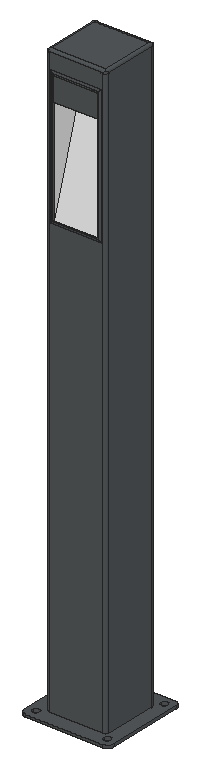
Revit family "svetilnik_alfresco_ar deko_dtu19", category Lighting Fixtures, Revit 2016 (continued)
Definition of nested family "Источник света Ар_Деко"
  Types (5, lengths in mm): name | Photometric Web File | built-in parameter 1150142
         0.2       0.2       0.2       0.2\r\n       0.2       0.2       0.2       0.2       0.2       0.2       0.2       0.2\r\n       0.2       0.2       0.2       0.2       0.2       0.2       0.2       0.2\r\n       0.2       0.2       0.2       0.2       0.2       0.2       0.2       0.2\r\n       0.2       0.2       0.2       0.2       0.2       0.2       0.2       0.2\r\n       0.2       0.2       0.2       0.2       0.2       0.2       0.2       0.2\r\n       0.2       0.2       0.2       0.2       0.2       0.2       0.2       0.2\r\n       0.2       0.2       0.2       0.2       0.2       0.2       0.2       0.2\r\n       0.2       0.2       0.2       0.1       0.1       0.1       0.0       0.0\r\n       0.0       0.0       0.0       0.0       0.0\r\n       0.0       0.0       0.0       0.1       0.1       0.1       0.1       0.1\r\n       0.2       0.2       0.2       0.2       0.2       0.2       0.2       0.2\r\n       0.2       0.2       0.2       0.2       0.2       0.2       0.2       0.2\r\n       0.2       0.2       0.2       0.2       0.2       0.2       0.2       0.2\r\n       0.2       0.2       0.2       0.2       0.2       0.2       0.2       0.2\r\n       0.2       0.2       0.2       0.2       0.2       0.2       0.2       0.2\r\n       0.2       0.2       0.2       0.2       0.2       0.2       0.2       0.2\r\n       0.2       0.2       0.2       0.2       0.2       0.2       0.2       0.2\r\n       0.2       0.2       0.2       0.2       0.2       0.2       0.2       0.2\r\n       0.2       0.2       0.2       0.2       0.2       0.2       0.2       0.2\r\n       0.2       0.2       0.2       0.2       0.2       0.2       0.2       0.2\r\n       0.2       0.2       0.2       0.2       0.2       0.2       0.2       0.2\r\n       0.2       0.2       0.2       0.2       0.2       0.2       0.2       0.2\r\n       0.2       0.2       0.2       0.2       0.2       0.2       0.2       0.2\r\n       0.2       0.2       0.2       0.2       0.2       0.2       0.2       0.2\r\n       0.2       0.2       0.2       0.2       0.2       0.2       0.2       0.2\r\n       0.2       0.2       0.2       0.2       0.2       0.2       0.2       0.2\r\n       0.2       0.2       0.2       0.2       0.2       0.2       0.2       0.2\r\n       0.2       0.2       0.2       0.2       0.2       0.2       0.2       0.2\r\n       0.2       0.2       0.2       0.2       0.2       0.2       0.2       0.2\r\n       0.2       0.2       0.2       0.2       0.2       0.2       0.2       0.2\r\n       0.2       0.2       0.2       0.1       0.1       0.1       0.0       0.0\r\n       0.0       0.0       0.0       0.0       0.0\r\n       0.0       0.0       0.0       0.1       0.1       0.1       0.1       0.1\r\n       0.2       0.2       0.2       0.2       0.2       0.2       0.2       0.2\r\n       0.2       0.2       0.2       0.2       0.2       0.2       0.2       0.2\r\n       0.2       0.2       0.2       0.2       0.2       0.2       0.2       0.2\r\n       0.2       0.2       0.2       0.2       0.2       0.2       0.2       0.2\r\n       0.2       0.2       0.2       0.2       0.2       0.2       0.2       0.2\r\n       0.2       0.2       0.2       0.2       0.2       0.2       0.2       0.2\r\n       0.2       0.2       0.2       0.2       0.2       0.2       0.2       0.2\r\n       0.2       0.2       0.2       0.2       0.2       0.2       0.2       0.2\r\n       0.2       0.2       0.3       0.3       0.2       0.2       0.2       0.2\r\n       0.2       0.2       0.2       0.2       0.2       0.2       0.2       0.2\r\n       0.2       0.2       0.2       0.2       0.2       0.2       0.2       0.2\r\n       0.2       0.2       0.2       0.2       0.2       0.2       0.2       0.2\r\n       0.2       0.2       0.2       0.2       0.2       0.2       0.2       0.2\r\n       0.2       0.2       0.2       0.2       0.2       0.2       0.2       0.2\r\n       0.2       0.2       0.2       0.2       0.2       0.2       0.2       0.2\r\n       0.2       0.2       0.2       0.2       0.2       0.2       0.2       0.2\r\n       0.2       0.2       0.2       0.2       0.2       0.2       0.2       0.2\r\n       0.2       0.2       0.2       0.2       0.2       0.2       0.2       0.2\r\n       0.2       0.2       0.2       0.2       0.2       0.2       0.2       0.2\r\n       0.2       0.2       0.2       0.2       0.2       0.2       0.2       0.2\r\n       0.2       0.2       0.2       0.1       0.1       0.1       0.0       0.0\r\n       0.0       0.0       0.0       0.0       0.0\r\n       0.0       0.0       0.0       0.1       0.1       0.1       0.1       0.1\r\n       0.2       0.2       0.2       0.2       0.2       0.2       0.2       0.2\r\n       0.2       0.2       0.2       0.2       0.2       0.2       0.2       0.2\r\n       0.2       0.2       0.2       0.2       0.2       0.2       0.2       0.2\r\n       0.2       0.2       0.2       0.2       0.2       0.2       0.2       0.2\r\n       0.2       0.2       0.2       0.2       0.2       0.2       0.2       0.2\r\n       0.2       0.2       0.2       0.2       0.2       0.2       0.2       0.2\r\n       0.2       0.2       0.2       0.2       0.2       0.2       0.2       0.2\r\n       0.2       0.2       0.2       0.2       0.2       0.2       0.2       0.2\r\n       0.2       0.2       0.2       0.2       0.2       0.2       0.2       0.2\r\n       0.2       0.2       0.2       0.2       0.2       0.2       0.2       0.2\r\n       0.2       0.2       0.2       0.2       0.2       0.2       0.2       0.2\r\n       0.2       0.2       0.2       0.2       0.2       0.2       0.2       0.2\r\n       0.2       0.2       0.2       0.2       0.2       0.2       0.2       0.2\r\n       0.2       0.2       0.2       0.2       0.2       0.2       0.2       0.2\r\n       0.2       0.2       0.2       0.2       0.2       0.2       0.2       0.2\r\n       0.2       0.2       0.2       0.2       0.2       0.2       0.2       0.2\r\n       0.2       0.2       0.2       0.2       0.2       0.2       0.2       0.2\r\n       0.2       0.2       0.2       0.2       0.2       0.2       0.2       0.2\r\n       0.2       0.2       0.2       0.2       0.2       0.2       0.2       0.2\r\n       0.2       0.2       0.2       0.2       0.2       0.2       0.2       0.2\r\n       0.2       0.2       0.2       0.1       0.1       0.1       0.0       0.0\r\n       0.0       0.0       0.0       0.0       0.0\r\n       0.0       0.0       0.1       0.1       0.1       0.1       0.1       0.1\r\n       0.2       0.2       0.2       0.2       0.2       0.2       0.2       0.2\r\n       0.2       0.2       0.2       0.2       0.2       0.2       0.2       0.2\r\n       0.2       0.2       0.2       0.2       0.2       0.2       0.2       0.2\r\n       0.2       0.2       0.2       0.2       0.2       0.2       0.2       0.2\r\n       0.2       0.2       0.2       0.2       0.2       0.2       0.2       0.2\r\n       0.2       0.2       0.2       0.2       0.2       0.2       0.2       0.2\r\n       0.2       0.2       0.2       0.2       0.2       0.2       0.2       0.2\r\n       0.2       0.2       0.2       0.2       0.2       0.2       0.2       0.2\r\n       0.2       0.2       0.2       0.2       0.2       0.2       0.2       0.2\r\n       0.2       0.2       0.2       0.2       0.2       0.2       0.2       0.2\r\n       0.2       0.2       0.2       0.2       0.2       0.2       0.2       0.2\r\n       0.2       0.2       0.2       0.2       0.2       0.2       0.2       0.2\r\n       0.2       0.2       0.2       0.2       0.2       0.2       0.2       0.2\r\n       0.2       0.2       0.2       0.2       0.2       0.2       0.2       0.2\r\n       0.2       0.2       0.2       0.2       0.2       0.2       0.2       0.2\r\n       0.2       0.2       0.2       0.2       0.2       0.2       0.2       0.2\r\n       0.2       0.2       0.2       0.2       0.2       0.2       0.2       0.2\r\n       0.2       0.2       0.2       0.2       0.2       0.2       0.2       0.2\r\n       0.2       0.2       0.2       0.2       0.2       0.2       0.2       0.2\r\n       0.2       0.2       0.2       0.2       0.2       0.2       0.2       0.2\r\n       0.2       0.2       0.2       0.1       0.1       0.1       0.0       0.0\r\n       0.0       0.0       0.0       0.0       0.0\r\n       0.0       0.0       0.1       0.1       0.1       0.1       0.1       0.1\r\n       0.2       0.2       0.2       0.2       0.2       0.2       0.2       0.2\r\n       0.2       0.2       0.2       0.2       0.2       0.2       0.2       0.2\r\n       0.2       0.2       0.2       0.2       0.2       0.2       0.2       0.2\r\n       0.2       0.2       0.2       0.2       0.2       0.2       0.2       0.2\r\n       0.2       0.2       0.2       0.2       0.2       0.2       0.2       0.2\r\n       0.2       0.2       0.2       0.2       0.2       0.2       0.2       0.2\r\n       0.2       0.2       0.2       0.2       0.2       0.2       0.2       0.2\r\n       0.2       0.2       0.2       0.2       0.2       0.2       0.2       0.2\r\n       0.2       0.2       0.2       0.2       0.2       0.2       0.2       0.2\r\n       0.2       0.2       0.2       0.2       0.2       0.2       0.2       0.2\r\n       0.2       0.2       0.2       0.2       0.2       0.2       0.2       0.2\r\n       0.2       0.2       0.2       0.2       0.2       0.2       0.2       0.2\r\n       0.2       0.2       0.2       0.2       0.2       0.2       0.2       0.2\r\n       0.2       0.2       0.2       0.2       0.2       0.2       0.2       0.2\r\n       0.2       0.2       0.2       0.2       0.2       0.2       0.2       0.2\r\n       0.2       0.2       0.2       0.2       0.2       0.2       0.2       0.2\r\n       0.2       0.2       0.2       0.2       0.2       0.2       0.2       0.2\r\n       0.2       0.2       0.2       0.2       0.2       0.2       0.2       0.2\r\n       0.2       0.2       0.2       0.2       0.2       0.2       0.2       0.2\r\n       0.2       0.2       0.2       0.2       0.2       0.2       0.2       0.2\r\n       0.2       0.2       0.2       0.1       0.1       0.1       0.0       0.0\r\n       0.0       0.0       0.0       0.0       0.0\r\n       0.0       0.0       0.1       0.1       0.1       0.1       0.1       0.1\r\n       0.2       0.2       0.2       0.2       0.2       0.2       0.2       0.2\r\n       0.2       0.2       0.2       0.2       0.2       0.2       0.2       0.2\r\n       0.2       0.2       0.2       0.2       0.2       0.2       0.2       0.2\r\n       0.2       0.2       0.2       0.2       0.2       0.2       0.2       0.2\r\n       0.2       0.2       0.2       0.2       0.2       0.2       0.2       0.2\r\n       0.2       0.2       0.2       0.2       0.2       0.2       0.2       0.2\r\n       0.2       0.2       0.2       0.2       0.2       0.2       0.2       0.2\r\n       0.2       0.2       0.2       0.2       0.2       0.2       0.2       0.2\r\n       0.2       0.2       0.2       0.2       0.2       0.2       0.2       0.2\r\n       0.2       0.2       0.2       0.2       0.2       0.2       0.2       0.2\r\n       0.2       0.2       0.2       0.2       0.3       0.2       0.2       0.2\r\n       0.2       0.2       0.2       0.2       0.2       0.3       0.2       0.2\r\n       0.2       0.2       0.2       0.2       0.2       0.2       0.2       0.2\r\n       0.2       0.2       0.2       0.2       0.2       0.2       0.2       0.2\r\n       0.2       0.2       0.2       0.2       0.2       0.2       0.2       0.2\r\n       0.2       0.2       0.2       0.2       0.2       0.2       0.2       0.2\r\n       0.2       0.2       0.2       0.2       0.2       0.2       0.2       0.2\r\n       0.2       0.2       0.2       0.2       0.2       0.2       0.2       0.2\r\n       0.2       0.2       0.2       0.2       0.2       0.2       0.2       0.2\r\n       0.2       0.2       0.2       0.2       0.2       0.2       0.2       0.2\r\n       0.2       0.2       0.2       0.1       0.1       0.1       0.0       0.0\r\n       0.0       0.0       0.0       0.0       0.0\r\n       0.0       0.0       0.1       0.1       0.1       0.1       0.1       0.1\r\n       0.2       0.2       0.2       0.2       0.2       0.2       0.2       0.2\r\n       0.2       0.2       0.2       0.2       0.2       0.2       0.2       0.2\r\n       0.2       0.2       0.2       0.2       0.2       0.2       0.2       0.2\r\n       0.2       0.2       0.2       0.2       0.2       0.2       0.2       0.2\r\n       0.3       0.3       0.2       0.2       0.2       0.2       0.2       0.2\r\n       0.2       0.2       0.2       0.2       0.2       0.2       0.2       0.2\r\n       0.2       0.2       0.2       0.2       0.2       0.2       0.2       0.2\r\n       0.2       0.2       0.2       0.2       0.2       0.2       0.2       0.2\r\n       0.2       0.2       0.2       0.2       0.2       0.2       0.2       0.2\r\n       0.2       0.2       0.2       0.2       0.2       0.2       0.2       0.2\r\n       0.2       0.2       0.2       0.2       0.2       0.2       0.2       0.2\r\n       0.2       0.2       0.2       0.2       0.2       0.2       0.2       0.2\r\n       0.2       0.2       0.2       0.2       0.2       0.2       0.2       0.2\r\n       0.2       0.2       0.2       0.2       0.2       0.2       0.2       0.2\r\n       0.2       0.2       0.2       0.2       0.2       0.2       0.2       0.2\r\n       0.2       0.2       0.2       0.2       0.2       0.2       0.2       0.2\r\n       0.2       0.2       0.2       0.2       0.2       0.2       0.2       0.2\r\n       0.2       0.2       0.2       0.2       0.2       0.2       0.2       0.2\r\n       0.2       0.2       0.2       0.2       0.2       0.2       0.2       0.2\r\n       0.2       0.2       0.2       0.2       0.2       0.2       0.2       0.2\r\n       0.2       0.2       0.2       0.1       0.1       0.1       0.0       0.0\r\n       0.0       0.0       0.0       0.0       0.0\r\n       0.0       0.0       0.1       0.1       0.1       0.1       0.1       0.1\r\n       0.2       0.2       0.2       0.2       0.2       0.2       0.2       0.2\r\n       0.2       0.2       0.2       0.2       0.2       0.2       0.2       0.2\r\n       0.2       0.2       0.2       0.2       0.2       0.2       0.2       0.2\r\n       0.2       0.2       0.2       0.2       0.2       0.2       0.2       0.2\r\n       0.3       0.3       0.2       0.2       0.2       0.2       0.2       0.2\r\n       0.2       0.2       0.2       0.2       0.2       0.2       0.2       0.2\r\n       0.2       0.2       0.2       0.2       0.2       0.2       0.2       0.2\r\n       0.2       0.2       0.2       0.2       0.2       0.2       0.2       0.2\r\n       0.2       0.2       0.2       0.2       0.2       0.2       0.2       0.2\r\n       0.2       0.2       0.2       0.2       0.2       0.2       0.2       0.2\r\n       0.2       0.2       0.2       0.2       0.2       0.2       0.2       0.2\r\n       0.2       0.2       0.2       0.2       0.2       0.2       0.2       0.2\r\n       0.2       0.2       0.2       0.2       0.2       0.2       0.2       0.2\r\n       0.2       0.2       0.2       0.2       0.2       0.2       0.2       0.2\r\n       0.2       0.2       0.2       0.2       0.2       0.2       0.2       0.2\r\n       0.2       0.2       0.2       0.2       0.2       0.2       0.2       0.2\r\n       0.2       0.2       0.2       0.2       0.2       0.2       0.2       0.2\r\n       0.2       0.2       0.2       0.2       0.2       0.2       0.2       0.2\r\n       0.2       0.2       0.2       0.2       0.2       0.2       0.2       0.2\r\n       0.2       0.2       0.2       0.2       0.2       0.2       0.2       0.2\r\n       0.2       0.2       0.2       0.1       0.1       0.1       0.0       0.0\r\n       0.0       0.0       0.0       0.0       0.0\r\n       0.0       0.0       0.1       0.1       0.1       0.1       0.1       0.1\r\n       0.2       0.2       0.2       0.2       0.2       0.2       0.2       0.2\r\n       0.2       0.2       0.2       0.2       0.2       0.2       0.2       0.2\r\n       0.2       0.2       0.2       0.2       0.2       0.2       0.2       0.2\r\n       0.2       0.2       0.2       0.2       0.2       0.2       0.2       0
      .2\r\n       0.2       0.2       0.2       0.2       0.2       0.2       0.2       0.2\r\n       0.2       0.2       0.2       0.2       0.2       0.2       0.2       0.2\r\n       0.2       0.2       0.2       0.2       0.2       0.2       0.2       0.2\r\n       0.2       0.2       0.2       0.2       0.2       0.2       0.2       0.2\r\n       0.2       0.2       0.2       0.2       0.2       0.2       0.2       0.2\r\n       0.2       0.2       0.2       0.2       0.2       0.2       0.2       0.2\r\n       0.2       0.2       0.2       0.2       0.2       0.2       0.2       0.2\r\n       0.2       0.2       0.2       0.2       0.2       0.2       0.2       0.2\r\n       0.2       0.2       0.2       0.2       0.2       0.2       0.2       0.2\r\n       0.2       0.2       0.2       0.2       0.2       0.2       0.2       0.2\r\n       0.2       0.2       0.2       0.2       0.2       0.2       0.2       0.2\r\n       0.2       0.2       0.2       0.2       0.2       0.2       0.2       0.2\r\n       0.2       0.2       0.2       0.2       0.2       0.2       0.2       0.2\r\n       0.2       0.2       0.2       0.2       0.2       0.2       0.2       0.2\r\n       0.2       0.2       0.2       0.2       0.2       0.2       0.2       0.2\r\n       0.2       0.2       0.2       0.2       0.2       0.2       0.2       0.2\r\n       0.2       0.2       0.2       0.1       0.1       0.1       0.0       0.0\r\n       0.0       0.0       0.0       0.0       0.0\r\n       0.0       0.0       0.1       0.1       0.1       0.1       0.1       0.1\r\n       0.2       0.2       0.2       0.2       0.2       0.2       0.2       0.2\r\n       0.2       0.2       0.2       0.2       0.2       0.2       0.2       0.2\r\n       0.2       0.2       0.2       0.2       0.2       0.2       0.2       0.2\r\n       0.2       0.2       0.2       0.2       0.2       0.2       0.2       0.2\r\n       0.2       0.2       0.2       0.2       0.2       0.2       0.2       0.2\r\n       0.2       0.2       0.2       0.2       0.2       0.2       0.2       0.2\r\n       0.2       0.2       0.2       0.2       0.2       0.2       0.2       0.2\r\n       0.2       0.2       0.2       0.2       0.2       0.2       0.2       0.2\r\n       0.2       0.2       0.2       0.2       0.2       0.2       0.2       0.2\r\n       0.2       0.2       0.2       0.2       0.2       0.2       0.2       0.2\r\n       0.2       0.2       0.2       0.2       0.2       0.2       0.2       0.2\r\n       0.2       0.2       0.2       0.2       0.2       0.2       0.2       0.2\r\n       0.2       0.2       0.2       0.2       0.2       0.2       0.2       0.2\r\n       0.2       0.2       0.2       0.2       0.2       0.2       0.2       0.2\r\n       0.2       0.2       0.2       0.2       0.2       0.2       0.2       0.2\r\n       0.2       0.2       0.2       0.2       0.2       0.2       0.2       0.2\r\n       0.2       0.2       0.2       0.2       0.2       0.2       0.2       0.2\r\n       0.2       0.2       0.2       0.2       0.2       0.2       0.2       0.2\r\n       0.2       0.2       0.2       0.2       0.2       0.2       0.2       0.2\r\n       0.2       0.2       0.2       0.2       0.2       0.2       0.2       0.2\r\n       0.2       0.2       0.2       0.1       0.1       0.1       0.0       0.0\r\n       0.0       0.0       0.0       0.0       0.0\r\n       0.0       0.0       0.1       0.1       0.1       0.1       0.1       0.1\r\n       0.2       0.2       0.2       0.2       0.2       0.2       0.2       0.2\r\n       0.2       0.2       0.2       0.2       0.2       0.2       0.2       0.2\r\n       0.2       0.2       0.2       0.2       0.2       0.2       0.2       0.2\r\n       0.2       0.2       0.2       0.2       0.2       0.2       0.2       0.2\r\n       0.2       0.2       0.2       0.2       0.2       0.2       0.2       0.2\r\n       0.2       0.2       0.2       0.2       0.2       0.2       0.2       0.2\r\n       0.2       0.2       0.2       0.2       0.2       0.2       0.2       0.2\r\n       0.2       0.2       0.2       0.2       0.2       0.2       0.2       0.2\r\n       0.2       0.2       0.2       0.2       0.2       0.2       0.2       0.2\r\n       0.2       0.2       0.2       0.2       0.2       0.2       0.2       0.2\r\n       0.2       0.2       0.2       0.2       0.2       0.2       0.2       0.2\r\n       0.2       0.2       0.2       0.2       0.2       0.2       0.2       0.2\r\n       0.2       0.2       0.2       0.2       0.2       0.2       0.2       0.2\r\n       0.2       0.2       0.2       0.2       0.2       0.2       0.2       0.2\r\n       0.2       0.2       0.2       0.2       0.2       0.2       0.2       0.2\r\n       0.2       0.2       0.2       0.2       0.2       0.2       0.2       0.2\r\n       0.2       0.2       0.2       0.2       0.2       0.2       0.2       0.2\r\n       0.2       0.2       0.2       0.2       0.2       0.2       0.2       0.2\r\n       0.2       0.2       0.2       0.2       0.2       0.2       0.2       0.2\r\n       0.2       0.2       0.2       0.2       0.2       0.2       0.2       0.2\r\n       0.2       0.2       0.2       0.1       0.1       0.1       0.0       0.0\r\n       0.0       0.0       0.0       0.0       0.0\r\n       0.0       0.0       0.1       0.1       0.1       0.1       0.1       0.1\r\n       0.2       0.2       0.2       0.2       0.2       0.2       0.2       0.2\r\n       0.2       0.2       0.2       0.2       0.2       0.2       0.2       0.2\r\n       0.2       0.2       0.2       0.2       0.2       0.2       0.2       0.2\r\n       0.2       0.2       0.2       0.2       0.2       0.2       0.2       0.2\r\n       0.2       0.2       0.2       0.2       0.2       0.2       0.2       0.2\r\n       0.2       0.2       0.2       0.2       0.2       0.2       0.2       0.2\r\n       0.2       0.2       0.2       0.2       0.2       0.2       0.2       0.2\r\n       0.2       0.2       0.2       0.2       0.2       0.2       0.2       0.2\r\n       0.2       0.2       0.2       0.2       0.2       0.2       0.2       0.2\r\n       0.2       0.2       0.2       0.2       0.2       0.2       0.2       0.2\r\n       0.2       0.2       0.2       0.2       0.2       0.2       0.2       0.2\r\n       0.2       0.2       0.2       0.2       0.2       0.2       0.2       0.2\r\n       0.2       0.2       0.2       0.2       0.2       0.2       0.2       0.2\r\n       0.2       0.2       0.2       0.2       0.2       0.2       0.2       0.2\r\n       0.2       0.2       0.2       0.2       0.2       0.2       0.2       0.2\r\n       0.2       0.2       0.2       0.2       0.2       0.2       0.2       0.2\r\n       0.2       0.2       0.2       0.2       0.2       0.2       0.2       0.2\r\n       0.2       0.2       0.2       0.2       0.2       0.2       0.2       0.2\r\n       0.2       0.2       0.2       0.2       0.2       0.2       0.2       0.2\r\n       0.2       0.2       0.2       0.2       0.2       0.2       0.2       0.2\r\n       0.2       0.2       0.2       0.1       0.1       0.1       0.0       0.0\r\n       0.0       0.0       0.0       0.0       0.0\r\n       0.0       0.0       0.1       0.1       0.1       0.1       0.1       0.1\r\n       0.2       0.2       0.2       0.2       0.2       0.2       0.2       0.2\r\n       0.2       0.2       0.2       0.2       0.2       0.2       0.2       0.2\r\n       0.2       0.2       0.2       0.2       0.2       0.2       0.2       0.2\r\n       0.2       0.2       0.2       0.2       0.2       0.2       0.2       0.2\r\n       0.2       0.2       0.2       0.2       0.2       0.2       0.2       0.2\r\n       0.2       0.2       0.2       0.2       0.2       0.2       0.2       0.2\r\n       0.2       0.2       0.2       0.2       0.2       0.2       0.2       0.2\r\n       0.2       0.2       0.2       0.2       0.2       0.2       0.2       0.2\r\n       0.2       0.2       0.2       0.2       0.2       0.2       0.3       0.2\r\n       0.2       0.2       0.2       0.2       0.2       0.2       0.2       0.2\r\n       0.2       0.2       0.2       0.2       0.2       0.2       0.2       0.2\r\n       0.2       0.2       0.2       0.2       0.2       0.2       0.2       0.2\r\n       0.2       0.2       0.2       0.2       0.2       0.2       0.2       0.2\r\n       0.2       0.2       0.2       0.2       0.2       0.2       0.2       0.2\r\n       0.2       0.2       0.2       0.2       0.2       0.2       0.2       0.2\r\n       0.2       0.2       0.2       0.2       0.2       0.2       0.2       0.2\r\n       0.2       0.2       0.2       0.2       0.2       0.2       0.2       0.2\r\n       0.2       0.2       0.2       0.2       0.2       0.2       0.2       0.2\r\n       0.2       0.2       0.2       0.2       0.2       0.2       0.2       0.2\r\n       0.2       0.2       0.2       0.2       0.2       0.2       0.2       0.2\r\n       0.2       0.2       0.2       0.1       0.1       0.1       0.0       0.0\r\n       0.0       0.0       0.0       0.0       0.0\r\n       0.0       0.0       0.1       0.1       0.1       0.1       0.1       0.1\r\n       0.2       0.2       0.2       0.2       0.2       0.2       0.2       0.2\r\n       0.2       0.2       0.2       0.2       0.2       0.2       0.2       0.2\r\n       0.2       0.2       0.2       0.2       0.2       0.2       0.2       0.2\r\n       0.2       0.2       0.2       0.2       0.2       0.2       0.2       0.2\r\n       0.2       0.2       0.2       0.2       0.2       0.2       0.2       0.2\r\n       0.2       0.2       0.2       0.2       0.2       0.2       0.2       0.2\r\n       0.2       0.2       0.2       0.2       0.2       0.2       0.2       0.2\r\n       0.2       0.2       0.2       0.2       0.2       0.2       0.2       0.2\r\n       0.2       0.2       0.2       0.2       0.2       0.2       0.2       0.2\r\n       0.2       0.2       0.2       0.2       0.2       0.2       0.2       0.2\r\n       0.2       0.2       0.2       0.2       0.2       0.2       0.2       0.2\r\n       0.2       0.2       0.2       0.2       0.2       0.2       0.2       0.2\r\n       0.2       0.2       0.2       0.2       0.2       0.2       0.2       0.2\r\n       0.2       0.2       0.2       0.2       0.2       0.2       0.2       0.2\r\n       0.2       0.2       0.2       0.2       0.2       0.2       0.2       0.2\r\n       0.2       0.2       0.2       0.2       0.2       0.2       0.2       0.2\r\n       0.2       0.2       0.2       0.2       0.2       0.2       0.2       0.2\r\n       0.2       0.2       0.2       0.2       0.2       0.2       0.2       0.2\r\n       0.2       0.2       0.2       0.2       0.2       0.2       0.2       0.2\r\n       0.2       0.2       0.2       0.2       0.2       0.2       0.2       0.2\r\n       0.2       0.2       0.2       0.1       0.1       0.1       0.0       0.0\r\n       0.0       0.0       0.0       0.0       0.0\r\n       0.0       0.0       0.1       0.1       0.1       0.1       0.1       0.1\r\n       0.2       0.2       0.2       0.2       0.2       0.2       0.2       0.2\r\n       0.2       0.2       0.2       0.2       0.2       0.2       0.2       0.2\r\n       0.2       0.2       0.2       0.2       0.2       0.2       0.2       0.2\r\n       0.2       0.2       0.2       0.2       0.2       0.2       0.2       0.2\r\n       0.2       0.2       0.2       0.2       0.2       0.2       0.2       0.2\r\n       0.2       0.2       0.2       0.2       0.2       0.2       0.2       0.2\r\n       0.2       0.2       0.2       0.2       0.2       0.2       0.2       0.2\r\n       0.2       0.2       0.2       0.2       0.2       0.2       0.2       0.2\r\n       0.2       0.2       0.2       0.2       0.2       0.2       0.2       0.2\r\n       0.2       0.2       0.2       0.2       0.2       0.2       0.2       0.2\r\n       0.2       0.2       0.2       0.2       0.2       0.2       0.2       0.2\r\n       0.2       0.2       0.2       0.2       0.2       0.2       0.2       0.2\r\n       0.2       0.2       0.2       0.2       0.2       0.2       0.2       0.2\r\n       0.2       0.2       0.2       0.2       0.2       0.2       0.2       0.2\r\n       0.2       0.2       0.2       0.2       0.2       0.2       0.2       0.2\r\n       0.2       0.2       0.2       0.2       0.2       0.2       0.2       0.2\r\n       0.2       0.2       0.2       0.2       0.2       0.2       0.2       0.2\r\n       0.2       0.2       0.2       0.2       0.2       0.2       0.2       0.2\r\n       0.2       0.2       0.2       0.2       0.2       0.2       0.2       0.2\r\n       0.2       0.2       0.2       0.2       0.2       0.2       0.2       0.2\r\n       0.2       0.2       0.2       0.1       0.1       0.1       0.0       0.0\r\n       0.0       0.0       0.0       0.0       0.0\r\n       0.0       0.0       0.1       0.1       0.1       0.1       0.1       0.1\r\n       0.2       0.2       0.2       0.2       0.2       0.2       0.2       0.2\r\n       0.2       0.2       0.2       0.2       0.2       0.2       0.2       0.2\r\n       0.2       0.2       0.2       0.2       0.2       0.2       0.2       0.2\r\n       0.2       0.2       0.2       0.2       0.2       0.2       0.2       0.2\r\n       0.2       0.2       0.2       0.2       0.2       0.2       0.2       0.2\r\n       0.2       0.2       0.2       0.2       0.2       0.2       0.2       0.2\r\n       0.2       0.2       0.2       0.2       0.2       0.2       0.2       0.2\r\n       0.2       0.2       0.2       0.2       0.2       0.2       0.2       0.2\r\n       0.2       0.2       0.2       0.2       0.2       0.2       0.2       0.2\r\n       0.2       0.2       0.2       0.2       0.2       0.2       0.2       0.2\r\n       0.2       0.2       0.2       0.2       0.2       0.2       0.2       0.2\r\n       0.2       0.2       0.2       0.2       0.2       0.2       0.2       0.2\r\n       0.2       0.2       0.2       0.2       0.2       0.2       0.2       0.2\r\n       0.2       0.2       0.2       0.2       0.2       0.2       0.2       0.2\r\n       0.2       0.2       0.2       0.2       0.2       0.2       0.2       0.2\r\n       0.2       0.2       0.2       0.2       0.2       0.2       0.2       0.2\r\n       0.2       0.2       0.2       0.2       0.2       0.2       0.2       0.2\r\n       0.2       0.2       0.2       0.2       0.2       0.2       0.2       0.2\r\n       0.2       0.2       0.2       0.2       0.2       0.2       0.2       0.2\r\n       0.2       0.2       0.2       0.2       0.2       0.2       0.2       0.2\r\n       0.2       0.2       0.2       0.1       0.1       0.1       0.0       0.0\r\n       0.0       0.0       0.0       0.0       0.0\r\n       0.0       0.0       0.2       0.1       0.1       0.1       0.1       0.1\r\n       0.2       0.2       0.2       0.2       0.2       0.2       0.2       0.2\r\n       0.2       0.2       0.2       0.2       0.2       0.2       0.2       0.2\r\n       0.2       0.2       0.2       0.2       0.2       0.2       0.2       0.2\r\n       0.2       0.2       0.2       0.2       0.2       0.2       0.2       0.2\r\n       0.2       0.2       0.2       0.2       0.2       0.2       0.2       0.2\r\n       0.2       0.2       0.2       0.2       0.2       0.2       0.2       0.2\r\n       0.2       0.2       0.2       0.2       0.2       0.2       0.2       0.2\r\n       0.2       0.2       0.2       0.2       0.2       0.2       0.2       0.2\r\n       0.2       0.2       0.2       0.2       0.2       0.2       0.2       0.2\r\n       0.2       0.2       0.2       0.2       0.2       0.2       0.2       0.2\r\n       0.2       0.2       0.2       0.2       0.2       0.2       0.2       0.2\r\n       0.2       0.2       0.2       0.2       0.2       0.2       0.2       0.2\r\n       0.2       0.2       0.2       0.2       0.2       0.2       0.2       0.2\r\n       0.2       0.2       0.2       0.2       0.2       0.2       0.2       0.2\r\n       0.2       0.2       0.2       0.2       0.2       0.2       0.2       0.2\r\n       0.2       0.2       0.2       0.2       0.2       0.2       0.2       0.2\r\n       0.2       0.2       0.2       0.2       0.2       0.2       0.2       0.2\r\n       0.2       0.2       0.2       0.2       0.2       0.2       0.2       0.2\r\n
